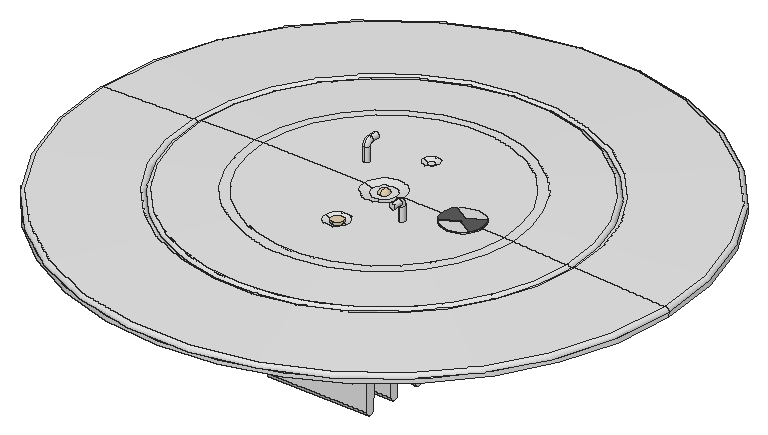
Revit family "Lithium Lifelight Recessed Emergency_Hosted_R18", category Lighting Fixtures, host Face, Revit 2018
Family settings
  Host = Face
  Round Connector Dimension = Use Diameter
  Part Type = Normal
  Cut with Voids When Loaded = No
  Light Source = Yes
  Shared = No
  Room Calculation Point = No
Parameters (values of type "LLIFE")
  Zoneworks Node = ""
  Width = 51 mm
  Wattage = 9.2903 W
  built-in parameter 1150110 = 1 (stored number, unit not read)
  built-in parameter 1114217 = 1 (stored number, unit not read)
  Tilt Angle = -90.00°
  Testing System = "Manual Test Switch"
  built-in parameter 1150109 = 1 (stored number, unit not read)
  built-in parameter 1150134 = 3
  built-in parameter 1150113 = 1 (stored number, unit not read)
  Power Consumption = 3 W
  Photometric Web File = "Lifelight Recessed Emergency.ies"
  Operating Voltage = 240 V
  Operating Mode = "Non-Maintained"
  Mounting = "Recessed Ceiling"
  Model = "ZLIFE"
  Manufacturer = "Clevertronics"
  built-in parameter 1150105 = 109.82 (stored number, unit not read)
  Lumens = 1380 lm
  built-in parameter 1150115 = 1 (stored number, unit not read)
  built-in parameter 1150137 = (empty or 0)
  built-in parameter 1150139 = (empty or 0)
  Length = 232 mm
  built-in parameter 1150112 = 1 (stored number, unit not read)
  built-in parameter 1150114 = 1 (stored number, unit not read)
  Lamp = "1100860, Lifelight Head Assembly,Round,1LED, L10"
  Inverter Board = "LLIFE-CKIT,"
  built-in parameter 1150132 = (empty or 0)
  built-in parameter 1150102 = (empty or 0)
  built-in parameter 1150107 = 3200 (stored number, unit not read)
  built-in parameter 1150138 = (empty or 0)
  built-in parameter 1150106 = 1.0982 (stored number, unit not read)
  Height = 42 mm
  built-in parameter 1150104 = 13.8 (stored number, unit not read)
  Dimming Lamp Color Temperature Shift = <None>
  Diffuser = "N/A"
  Description = "Lifelight, High Performance, Recessed emergency light"
  Default Elevation = 1219.2 mm
  Content Disclaimer = ""
  Colour = Plastic - Polycarbonate - White
  Color Filter = 16777215
  Charging Method = "Intelligent Current Limited Constant Voltage"
  Ceiling Hole Cut-Out Radius = 42.5 mm
  Battery = "P/N: 1530010, L10 3.3V 2.5AH"
  built-in parameter 1114218 = 1 (stored number, unit not read)
  Ballast = "N/A"
  built-in parameter 1150133 = 10 (stored number, unit not read)
  Apparent Load = 2.5 W
  AS2293 = "C0=D32, C90=D32"
Reference planes
  plane 1 "Center (Front/Back)": y = 0
  plane 2: z = 0
  plane 3 "Center (Left/Right)": x = 0
  plane 4: z = -85
  plane 5 "Pins": through (0.022, 0.026, 1219.2) normal (-0.5736, -0.8192, 0)
  plane 6: z = 3.5
  plane 7: z = 3
  plane 8: x = 47.5
  plane 9: x = 72.5
  plane 10: z = -5
  plane 11: x = 20
  plane 12: z = 3.7
  plane 13: z = 3.9
Forms (mm)
  Extrusion 1, void, detail levels fine
    sketch origin (0, 0, 0) x (1, 0, 0) y (0, 1, 0)
      loop
        circle (0, 0) r 42.5
    from -85 to 0
  Revolve 2, solid, material "Plastic - Polycarbonate - White" <- "Colour", detail levels fine
    sketch origin (0, 0, 0) x (1, 0, 0) y (0, 0, 1)
      loop
        line (30.669, 3.5) -> (0, 3.5) -> (0, 0) -> (72.5, 0) -> (72.5, 1.08)
        arc (72.5, 1.08) -> (72.219, 1.775) -> (71.535, 2.08) r 1
        line (71.535, 2.08) -> (48.535, 2.883)
        arc (48.535, 2.883) -> (47.831, 2.627) -> (47.502, 1.953) r 1
        arc (47.502, 1.953) -> (47.219, 2.648) -> (46.535, 2.953) r 1
        line (46.535, 2.953) -> (32.894, 3.429)
        arc (32.894, 3.429) -> (31.782, 3.482) -> (30.669, 3.5) r 35
      axis (0, 3.5) -> (0, 0)
    angle from 0 to 360
  Blend 3, void
    base sketch origin (0, 0, 0) x (1, 0, 0) y (0, 1, 0)
      loop
        circle (0, 0) r 5
    top sketch origin (0, 0, 0) x (1, 0, 0) y (0, 1, 0)
      loop
        circle (0, 0) r 3
    from 3.5 to 3
  Blend 4, void
    base sketch origin (0, 0, 0) x (1, 0, 0) y (0, 1, 0)
      loop
        circle (0, -15) r 3
    top sketch origin (0, 0, 0) x (1, 0, 0) y (0, 1, 0)
      loop
        circle (0, -15) r 1.5
    from 3.5 to 3
  Extrusion 5, solid, material "Plastic - Polycarbonate - Ivory", detail levels fine
    sketch origin (0, 0, 0) x (1, 0, 0) y (0, 1, 0)
      loop
        circle (0, -15) r 1.5
    from 3 to 3.5
  Blend 6, void
    base sketch origin (0, 0, 0) x (1, 0, 0) y (0, 1, 0)
      loop
        circle (0, 15) r 2
    top sketch origin (0, 0, 0) x (1, 0, 0) y (0, 1, 0)
      loop
        circle (0, 15) r 0.85
    from 3.5 to 3
  Revolve 7, solid, material "Plastic - Polycarbonate - Ivory", detail levels fine
    sketch origin (0, 0, 0) x (0, 1, 0) y (0, 0, 1)
      loop
        line (0, 3) -> (0, 3.85)
        arc (0, 3.85) -> (-0.778, 3.651) -> (-1.25, 3) r 1.183
        line (-1.25, 3) -> (0, 3)
      axis (0, 3.85) -> (0, 2.85)
    angle from 0 to 360
  Extrusion 8, solid, material "Plastic - Polycarbonate - White", detail levels fine
    sketch origin (0, 0, 0) x (1, 0, 0) y (0, 1, 0)
      loop
        circle (0, 0) r 24
    from -5 to 0
  Extrusion 9, solid, material "Plastic - Polycarbonate - White", detail levels fine
    sketch origin (0, 0, 0) x (0, 1, 0) y (0, 0, 1)
      loop
        line (-20.505, -5) -> (-20.505, -34)
        arc (-20.505, -34) -> (-20.212, -34.707) -> (-19.505, -35) r 1
        arc (-19.505, -35) -> (-18.886, -34.753) -> (-18.607, -34.149) r 0.9
        line (-18.607, -34.149) -> (-17.207, -8.396)
        arc (-17.207, -8.396) -> (-16.896, -7.724) -> (-16.208, -7.45) r 1
        line (-16.208, -7.45) -> (-14.915, -7.45)
        arc (-14.915, -7.45) -> (-14.224, -7.728) -> (-13.916, -8.406) r 1
        line (-13.916, -8.406) -> (-12.777, -34)
        arc (-12.777, -34) -> (-12.484, -34.707) -> (-11.776, -35) r 1.001
        arc (-11.776, -35) -> (-11.157, -34.754) -> (-10.878, -34.149) r 0.9
        line (-10.878, -34.149) -> (-9.478, -8.396)
        arc (-9.478, -8.396) -> (-9.167, -7.724) -> (-8.479, -7.45) r 1
        line (-8.479, -7.45) -> (-7.186, -7.45)
        arc (-7.186, -7.45) -> (-6.495, -7.728) -> (-6.187, -8.406) r 1
        line (-6.187, -8.406) -> (-5.048, -34)
        arc (-5.048, -34) -> (-4.755, -34.707) -> (-4.047, -35) r 1.001
        arc (-4.047, -35) -> (-3.428, -34.754) -> (-3.148, -34.149) r 0.9
        line (-3.148, -34.149) -> (-1.749, -8.396)
        arc (-1.749, -8.396) -> (-1.438, -7.724) -> (-0.75, -7.45) r 1
        line (-0.75, -7.45) -> (0.75, -7.45)
        arc (0.75, -7.45) -> (1.438, -7.724) -> (1.749, -8.396) r 1
        line (1.749, -8.396) -> (3.148, -34.149)
        arc (3.148, -34.149) -> (3.428, -34.754) -> (4.047, -35) r 0.9
        arc (4.047, -35) -> (4.755, -34.707) -> (5.048, -34) r 1.001
        line (5.048, -34) -> (6.187, -8.406)
        arc (6.187, -8.406) -> (6.495, -7.728) -> (7.186, -7.45) r 1
        line (7.186, -7.45) -> (8.479, -7.45)
        arc (8.479, -7.45) -> (9.167, -7.724) -> (9.478, -8.396) r 1
        line (9.478, -8.396) -> (10.878, -34.149)
        arc (10.878, -34.149) -> (11.157, -34.754) -> (11.776, -35) r 0.9
        arc (11.776, -35) -> (12.484, -34.707) -> (12.777, -34) r 1.001
        line (12.777, -34) -> (13.916, -8.406)
        arc (13.916, -8.406) -> (14.224, -7.728) -> (14.915, -7.45) r 1
        line (14.915, -7.45) -> (16.208, -7.45)
        arc (16.208, -7.45) -> (16.896, -7.724) -> (17.207, -8.396) r 1
        line (17.207, -8.396) -> (18.607, -34.149)
        arc (18.607, -34.149) -> (18.886, -34.753) -> (19.505, -35) r 0.9
        arc (19.505, -35) -> (20.212, -34.707) -> (20.505, -34) r 1
        line (20.505, -34) -> (20.505, -5) -> (-20.505, -5)
    from -13.319 to 12
  Extrusion 10, solid, material "Plastic - Polycarbonate - Grey", detail levels fine
    sketch origin (0, 0, 0) x (1, 0, 0) y (0, 1, 0)
      loop
        circle (20, 0) r 5
    from 3.5 to 3.7
  Extrusion 11, solid, material "Plastic - Polycarbonate - Black", detail levels fine
    sketch origin (0, 0, 0) x (1, 0, 0) y (0, 1, 0)
      loop
        line (20, 0.648) -> (15.978, 2.97)
        arc (15.978, 2.97) -> (15, 0) -> (15.978, -2.97) r 5
        line (15.978, -2.97) -> (20, -0.648) -> (24.022, -2.97)
        arc (24.022, -2.97) -> (25, 0) -> (24.022, 2.97) r 5
        line (24.022, 2.97) -> (20, 0.648)
    from 3.7 to 3.9
  Sweep 12, solid, material "Plastic - Polycarbonate - White", detail levels fine
    path origin (-10.321, -5.355, 0) x (0, -1, 0) y (0, 0, -1)
      loop
        line (-12.619, -3.5) -> (-12.619, -7)
        arc (-12.619, -7) -> (-12.912, -7.707) -> (-13.619, -8) r 1
        line (-13.619, -8) -> (-15.619, -8)
    profile origin (-10.321, 7.264, 5.25) x (0, -1, 0) y (1, 0, 0)
      loop
        circle (0, 0) r 0.7
  Sweep 13, solid, material "Plastic - Polycarbonate - White", detail levels fine
    path origin (10.229, 5.377, 0) x (0, 1, 0) y (0, 0, -1)
      loop
        line (-12.619, -3.5) -> (-12.619, -7)
        arc (-12.619, -7) -> (-12.912, -7.707) -> (-13.619, -8) r 1
        line (-13.619, -8) -> (-15.619, -8)
    profile origin (10.229, -7.242, 5.25) x (0, 1, 0) y (-1, 0, 0)
      loop
        circle (0, -0.067) r 0.7
Cuts and joins
  Blend 3, Blend 4, Blend 6 cuts Revolve 2
Dimensions and locks
  locked: plane 6 to level at 3.5
  locked: plane 6 to plane 7 at 0.5
  locked: plane 3 "Center (Left/Right)" to plane 8 at 47.5
  locked: plane 9 to plane 3 "Center (Left/Right)" at 72.5
  locked: plane 3 "Center (Left/Right)" to plane 11 at 20
  plane 13 to plane 12 to plane 6 = 0.2 mm locked, 0.2 mm locked
  "Ceiling Hole Cut-Out Radius": radius of Extrusion 1 sketch curve
  aligned and locked: plane 2 to host face
  aligned and locked: level to host face
  aligned and locked: Extrusion 1 to plane 4
  aligned and locked: level to Extrusion 1
  aligned and locked: plane 3 "Center (Left/Right)" to nested 1
  aligned and locked: plane 1 "Center (Front/Back)" to nested 1
  aligned and locked: Revolve 2 sketch curve to plane 3 "Center (Left/Right)"  (x2)
  aligned and locked: level to Revolve 2 sketch curve
  aligned and locked: plane 6 to Blend 3
  aligned and locked: Blend 3 to plane 7
  aligned and locked: plane 6 to Blend 4
  aligned and locked: Blend 4 to plane 7
  aligned and locked: Extrusion 5 to plane 7
  aligned and locked: Extrusion 5 to plane 6
  aligned and locked: plane 6 to Blend 6
  aligned and locked: Blend 6 to plane 7
  aligned and locked: Revolve 7 sketch curve to plane 7
  aligned and locked: plane 1 "Center (Front/Back)" to Revolve 7 sketch curve
  aligned and locked: plane 3 "Center (Left/Right)" to Extrusion 8 sketch curve
  aligned and locked: plane 1 "Center (Front/Back)" to Extrusion 8 sketch curve
  aligned and locked: level to Extrusion 8
  aligned and locked: Extrusion 8 to plane 10
  aligned and locked: Revolve 2 sketch curve to plane 6
  aligned and locked: Revolve 2 sketch curve to plane 9
  aligned and locked: plane 1 "Center (Front/Back)" to Extrusion 10 sketch curve
  aligned and locked: plane 11 to Extrusion 10 sketch curve
  aligned and locked: plane 6 to Extrusion 10
  aligned: Extrusion 10 to plane 12
  aligned and locked: plane 11 to Extrusion 11 sketch curve  (x2)
  aligned and locked: Extrusion 10 to plane 12
  aligned and locked: Extrusion 11 to plane 12
  aligned and locked: Extrusion 11 to plane 13
  aligned: plane 5 "Pins" to Sweep 12 sketch curve
  aligned and locked: profile plane to Sweep 12 sketch curve
  aligned and locked: profile plane to Sweep 13 sketch curve
  aligned: plane 5 "Pins" to Sweep 13 sketch curve
Automatic sketch dimensions
  host sketch curve to host sketch curve = 2438.4 mm  (x2)
  plane 1 "Center (Front/Back)" to Extrusion 1 sketch curve = 0 mm
  Extrusion 1 sketch curve to plane 3 "Center (Left/Right)" = 0 mm
  plane 8 to Revolve 2 sketch curve = 0 mm
  plane 11 to Revolve 2 sketch curve = 10.669 mm
  plane 6 to Revolve 2 sketch curve = 0.071 mm
  Revolve 2 sketch curve to Revolve 2 sketch curve = 2.224 mm
  Revolve 2 sketch curve to Revolve 2 sketch curve = 1 mm  (x2)
  Revolve 2 sketch curve to plane 7 = 0.047 mm
  plane 8 to Revolve 2 sketch curve = 0.965 mm
  Revolve 2 sketch curve to plane 8 = 0.002 mm
  Revolve 2 sketch curve to plane 8 = 1 mm
  Revolve 2 sketch curve to plane 7 = 0.117 mm
  Revolve 2 sketch curve to Revolve 2 sketch curve = 0.035 mm
  Revolve 2 sketch curve to plane 9 = 0.965 mm
  level to Revolve 2 sketch curve = 1.08 mm
  Revolve 2 sketch curve to Revolve 2 sketch curve = 0.999 mm
  plane 13 to Revolve 2 sketch curve = 4.883 mm
  Revolve 2 sketch curve to Revolve 2 sketch curve = 4.656 mm
  plane 1 "Center (Front/Back)" to Blend 3 sketch curve = 0 mm  (x2)
  Blend 3 sketch curve to plane 3 "Center (Left/Right)" = 0 mm  (x2)
  Blend 4 sketch curve to plane 3 "Center (Left/Right)" = 0 mm  (x2)
  plane 1 "Center (Front/Back)" to Blend 4 sketch curve = 15 mm  (x2)
  Extrusion 5 sketch curve to plane 3 "Center (Left/Right)" = 0 mm
  plane 1 "Center (Front/Back)" to Extrusion 5 sketch curve = 15 mm
  Blend 6 sketch curve to plane 3 "Center (Left/Right)" = 0 mm  (x2)
  Blend 6 sketch curve to plane 1 "Center (Front/Back)" = 15 mm  (x2)
  Revolve 7 sketch curve to plane 1 "Center (Front/Back)" = 0 mm
  plane 1 "Center (Front/Back)" to Revolve 7 sketch curve = 0.113 mm
  Revolve 7 sketch curve to Revolve 7 sketch curve = 1.137 mm
  Revolve 7 sketch curve to plane 7 = 0.327 mm
  plane 13 to Revolve 7 sketch curve = 0.964 mm
  Revolve 7 sketch curve to Revolve 7 sketch curve = 1.815 mm
  Extrusion 9 sketch curve to plane 10 = 0 mm
  plane 1 "Center (Front/Back)" to Extrusion 9 sketch curve = 20.505 mm
  Extrusion 9 sketch curve to Extrusion 9 sketch curve = 1 mm  (x2)
  Extrusion 9 sketch curve to Extrusion 9 sketch curve = 0.899 mm  (x6)
  Extrusion 9 sketch curve to Extrusion 9 sketch curve = 3.299 mm  (x2)
  Extrusion 9 sketch curve to Extrusion 9 sketch curve = 0.999 mm  (x9)
  Extrusion 9 sketch curve to Extrusion 9 sketch curve = 1.293 mm  (x4)
  Extrusion 9 sketch curve to plane 10 = 3.406 mm  (x2)
  Extrusion 9 sketch curve to Extrusion 9 sketch curve = 5.83 mm  (x3)
  Extrusion 9 sketch curve to Extrusion 9 sketch curve = 1.001 mm  (x4)
  Extrusion 9 sketch curve to Extrusion 9 sketch curve = 0 mm  (x12)
  Extrusion 9 sketch curve to plane 10 = 3.396 mm  (x3)
  Extrusion 9 sketch curve to Extrusion 9 sketch curve = 4.438 mm  (x3)
  plane 1 "Center (Front/Back)" to Extrusion 9 sketch curve = 5.048 mm
  plane 1 "Center (Front/Back)" to Extrusion 9 sketch curve = 1.749 mm
  plane 1 "Center (Front/Back)" to Extrusion 9 sketch curve = 0.75 mm
  Extrusion 9 sketch curve to plane 1 "Center (Front/Back)" = 0.75 mm
  Extrusion 9 sketch curve to plane 1 "Center (Front/Back)" = 3.148 mm
  Extrusion 9 sketch curve to Extrusion 9 sketch curve = 0.898 mm  (x2)
  Extrusion 9 sketch curve to Extrusion 9 sketch curve = 0.01 mm  (x2)
  Extrusion 9 sketch curve to Extrusion 9 sketch curve = 0.054 mm  (x4)
  Extrusion 9 sketch curve to plane 10 = 3.45 mm
  Extrusion 9 sketch curve to Extrusion 9 sketch curve = 0.044 mm
  Extrusion 9 sketch curve to Extrusion 9 sketch curve = 25.594 mm
  Extrusion 9 sketch curve to Extrusion 9 sketch curve = 0.1 mm  (x6)
  Extrusion 9 sketch curve to Extrusion 9 sketch curve = 0.049 mm  (x2)
  Extrusion 11 sketch curve to Extrusion 11 sketch curve = 0 mm
  Extrusion 11 sketch curve to plane 11 = 0 mm  (x2)
  plane 1 "Center (Front/Back)" to Extrusion 11 sketch curve = 0 mm
  Extrusion 11 sketch curve to plane 11 = 4.022 mm  (x2)
  plane 11 to Extrusion 11 sketch curve = 4.022 mm  (x2)
  Extrusion 11 sketch curve to Extrusion 11 sketch curve = 0.648 mm
  plane 1 "Center (Front/Back)" to Extrusion 11 sketch curve = 2.97 mm  (x2)
  Extrusion 11 sketch curve to plane 1 "Center (Front/Back)" = 0.648 mm
  plane 6 to Sweep 13 sketch curve = 0 mm
  plane 13 to Sweep 13 sketch curve = 4.1 mm
  plane 1 "Center (Front/Back)" to Sweep 13 sketch curve = 10.242 mm
  Sweep 13 sketch curve to Sweep 13 sketch curve = 2 mm
  Sweep 13 sketch curve to Sweep 13 sketch curve = 1 mm
  Sweep 13 sketch curve to profile plane = 0.067 mm
  plane 6 to Sweep 12 sketch curve = 0 mm
  plane 13 to Sweep 12 sketch curve = 4.1 mm
  Sweep 12 sketch curve to plane 1 "Center (Front/Back)" = 10.264 mm
  Sweep 12 sketch curve to Sweep 12 sketch curve = 2 mm
  Sweep 12 sketch curve to Sweep 12 sketch curve = 1 mm
  Sweep 12 sketch curve to profile plane = 0 mm
  radius of Blend 3 sketch curve = 5 mm
  radius of Blend 3 sketch curve = 3 mm
  radius of Blend 4 sketch curve = 3 mm
  radius of Blend 4 sketch curve = 1.5 mm
  radius of Extrusion 5 sketch curve = 1.5 mm
  radius of Blend 6 sketch curve = 2 mm
  radius of Blend 6 sketch curve = 0.85 mm
  radius of Extrusion 8 sketch curve = 24 mm
  radius of Extrusion 10 sketch curve = 5 mm
  radius of Sweep 13 sketch curve = 0.7 mm
  radius of Sweep 12 sketch curve = 0.7 mm
Nested families
  nested 1: "Emergency_Annotation" at (0, 0, 0), type "Standard", detail levels coarse+medium
Connectors
  electrical at (0, 0, 0), driven by "Power Consumption", driven by "Operating Voltage"
    settings: index 1, voltage 240 V, apparent load 0 W, apparent load phase1 3 W, apparent load phase2 0 W, apparent load phase3 0 W, power factor 1, load classification "Lighting", number of poles 1, system type 31, power factor state 1, is connector primary yes, connector utility no, sub classification motor no, connector description ""
Definition of nested family "Emergency_Annotation"
  Reference planes
    plane 1: y = 0
    plane 2: x = 0
  Lines and regions (mm)
    Masking region 1
      outline origin (0, 0, 0) x (1, 0, 0) y (0, 1, 0)
        loop
          line (0, 0) -> (1.061, 1.061)
          arc (1.061, 1.061) -> (0, 1.5) -> (-1.061, 1.061) r 1.5
          line (-1.061, 1.061) -> (0, 0)
    Masking region 2
      outline origin (0, 0, 0) x (0, -1, 0) y (1, 0, 0)
        loop
          line (0, 0) -> (1.061, -1.061)
          arc (1.061, -1.061) -> (1.5, 0) -> (1.061, 1.061) r 1.5
          line (1.061, 1.061) -> (0, 0)
    Filled region 1, type "Filled region 1"
      outline origin (0, 0, 0) x (1, 0, 0) y (0, 1, 0)
        loop
          arc (-1.061, 1.061) -> (-1.5, 0) -> (-1.061, -1.061) r 1.5
          line (-1.061, -1.061) -> (0, 0) -> (-1.061, 1.061)
    Filled region 2, type "Filled region 1"
      outline origin (0, 0, 0) x (0, 1, 0) y (-1, 0, 0)
        loop
          line (1.061, -1.061) -> (0, 0) -> (-1.061, -1.061)
          arc (-1.061, -1.061) -> (0, -1.5) -> (1.061, -1.061) r 1.5
  Dimensions and locks
    aligned and locked: plane 1 to Masking region 2 sketch curve
    aligned and locked: plane 2 to Masking region 2 sketch curve
    aligned and locked: plane 1 to Masking region 1 sketch curve
    aligned and locked: plane 2 to Masking region 1 sketch curve
    aligned and locked: plane 2 to Filled region 1 sketch curve
    aligned and locked: plane 1 to Filled region 1 sketch curve
    aligned and locked: plane 2 to Filled region 2 sketch curve
